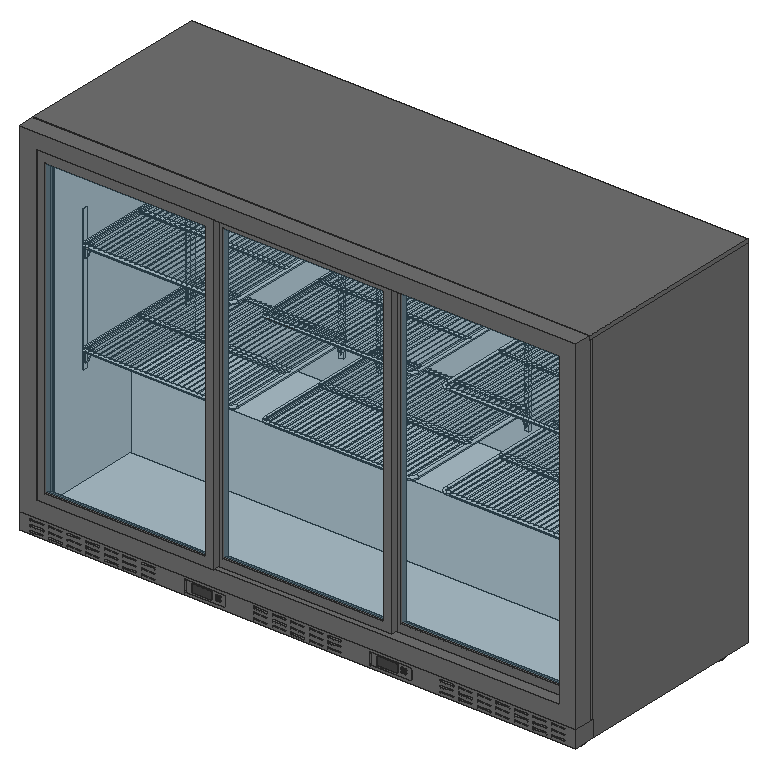
Revit family "QF_KOLDBOX_KBC3SL", category Specialty Equipment, Revit 2016
Family settings
  Part Type = Normal
  Round Connector Dimension = Use Diameter
  OmniClass Number = 23.40.40.14
  OmniClass Title = Food Service Equipment
  Work Plane-Based = No
  Always vertical = Yes
  Cut with Voids When Loaded = No
  Shared = No
  Room Calculation Point = No
Parameters (values of type "KBC3SL")
  URL = "www.koldbox.com"
  Show Logo [instance] = yes
  Show Clearance [instance] = yes
  Model = "KBC3SL"
  Manufacturer = "KOLDBOX"
  Description = "KOLDBOX TRIPLE SLIDING DOOR BACK BAR COOLER"
  Assembly Code = "E1090320"
Reference planes
  plane 1 "Back": y = 0
  plane 2: z = 0
  plane 3 "Left": x = 0
  plane 4 "Right": x = 1350
  plane 5 "Front": y = -520
  plane 6 "Top": z = 900
Forms (mm)
  Extrusion 1, solid
    sketch origin (0, 60, 10) x (1, 0, 0) y (0, 0, 1)
      loop
        line (0, 880) -> (0, 10) -> (1350, 10) -> (1350, 880) -> (0, 880)
      loop
        line (40, 850) -> (40, 67.5) -> (1310, 67.5) -> (1310, 850) -> (40, 850)
    from 60 to 530
  Extrusion 2, solid
    sketch origin (0, 0, 70) x (0, 1, 0) y (0, 0, 1)
      loop
        line (0, 830) -> (-480, 830) -> (-480, 820) -> (0, 820) -> (0, 830)
    from 0 to 1350
  Revolve 3, solid
    sketch origin (0, -50, 0) x (1, 0, 0) y (0, 0, -1)
      loop
        line (50, -20) -> (50, -15) -> (60, -15) -> (60, 0) -> (40, 0) -> (40, -20) -> (50, -20)
      axis (40, 0) -> (40, -20)
    angle from 0 to 360
  Revolve 4, solid
    sketch origin (0, -470, 0) x (1, 0, 0) y (0, 0, 1)
      loop
        line (50, 20) -> (40, 20) -> (40, 0) -> (60, 0) -> (60, 15) -> (50, 15) -> (50, 20)
      axis (40, 0) -> (40, 20)
    angle from 0 to 360
  Extrusion 5, solid
    sketch origin (0, 0, 0) x (1, 0, 0) y (0, 0, 1)
      loop
        line (40, 860) -> (40, 60) -> (1310, 60) -> (1310, 860) -> (40, 860)
    from 0 to 40
  Extrusion 6, solid
    sketch origin (0, -480, 0) x (1, 0, 0) y (0, 0, 1)
      loop
        line (0, 60) -> (0, 20) -> (1350, 20) -> (1350, 60) -> (0, 60)
      loop
        arc (27.5, 55) -> (25, 52.5) -> (27.5, 50) r 2.5
        line (27.5, 50) -> (57.5, 50)
        arc (57.5, 50) -> (60, 52.5) -> (57.5, 55) r 2.5
        line (57.5, 55) -> (27.5, 55)
      loop
        line (27.5, 25) -> (57.5, 25)
        arc (57.5, 25) -> (60, 27.5) -> (57.5, 30) r 2.5
        line (57.5, 30) -> (27.5, 30)
        arc (27.5, 30) -> (25, 27.5) -> (27.5, 25) r 2.5
      loop
        line (27.5, 37.5) -> (57.5, 37.5)
        arc (57.5, 37.5) -> (60, 40) -> (57.5, 42.5) r 2.5
        line (57.5, 42.5) -> (27.5, 42.5)
        arc (27.5, 42.5) -> (25, 40) -> (27.5, 37.5) r 2.5
      loop
        arc (400, 28) -> (400.879, 25.879) -> (403, 25) r 3
        line (403, 25) -> (497, 25)
        arc (497, 25) -> (499.121, 25.879) -> (500, 28) r 3
        line (500, 28) -> (500, 52)
        arc (500, 52) -> (499.121, 54.121) -> (497, 55) r 3
        line (497, 55) -> (403, 55)
        arc (403, 55) -> (400.879, 54.121) -> (400, 52) r 3
        line (400, 52) -> (400, 28)
      loop
        arc (72.5, 55) -> (70, 52.5) -> (72.5, 50) r 2.5
        line (72.5, 50) -> (102.5, 50)
        arc (102.5, 50) -> (105, 52.5) -> (102.5, 55) r 2.5
        line (102.5, 55) -> (72.5, 55)
      loop
        line (72.5, 25) -> (102.5, 25)
        arc (102.5, 25) -> (105, 27.5) -> (102.5, 30) r 2.5
        line (102.5, 30) -> (72.5, 30)
        arc (72.5, 30) -> (70, 27.5) -> (72.5, 25) r 2.5
      loop
        line (72.5, 37.5) -> (102.5, 37.5)
        arc (102.5, 37.5) -> (105, 40) -> (102.5, 42.5) r 2.5
        line (102.5, 42.5) -> (72.5, 42.5)
        arc (72.5, 42.5) -> (70, 40) -> (72.5, 37.5) r 2.5
      loop
        arc (117.5, 55) -> (115, 52.5) -> (117.5, 50) r 2.5
        line (117.5, 50) -> (147.5, 50)
        arc (147.5, 50) -> (150, 52.5) -> (147.5, 55) r 2.5
        line (147.5, 55) -> (117.5, 55)
      loop
        line (117.5, 25) -> (147.5, 25)
        arc (147.5, 25) -> (150, 27.5) -> (147.5, 30) r 2.5
        line (147.5, 30) -> (117.5, 30)
        arc (117.5, 30) -> (115, 27.5) -> (117.5, 25) r 2.5
      loop
        line (117.5, 37.5) -> (147.5, 37.5)
        arc (147.5, 37.5) -> (150, 40) -> (147.5, 42.5) r 2.5
        line (147.5, 42.5) -> (117.5, 42.5)
        arc (117.5, 42.5) -> (115, 40) -> (117.5, 37.5) r 2.5
      loop
        arc (162.5, 55) -> (160, 52.5) -> (162.5, 50) r 2.5
        line (162.5, 50) -> (192.5, 50)
        arc (192.5, 50) -> (195, 52.5) -> (192.5, 55) r 2.5
        line (192.5, 55) -> (162.5, 55)
      loop
        line (162.5, 25) -> (192.5, 25)
        arc (192.5, 25) -> (195, 27.5) -> (192.5, 30) r 2.5
        line (192.5, 30) -> (162.5, 30)
        arc (162.5, 30) -> (160, 27.5) -> (162.5, 25) r 2.5
      loop
        line (162.5, 37.5) -> (192.5, 37.5)
        arc (192.5, 37.5) -> (195, 40) -> (192.5, 42.5) r 2.5
        line (192.5, 42.5) -> (162.5, 42.5)
        arc (162.5, 42.5) -> (160, 40) -> (162.5, 37.5) r 2.5
      loop
        arc (850, 28) -> (850.879, 25.879) -> (853, 25) r 3
        line (853, 25) -> (947, 25)
        arc (947, 25) -> (949.121, 25.879) -> (950, 28) r 3
        line (950, 28) -> (950, 52)
        arc (950, 52) -> (949.121, 54.121) -> (947, 55) r 3
        line (947, 55) -> (853, 55)
        arc (853, 55) -> (850.879, 54.121) -> (850, 52) r 3
        line (850, 52) -> (850, 28)
      loop
        arc (207.5, 55) -> (205, 52.5) -> (207.5, 50) r 2.5
        line (207.5, 50) -> (237.5, 50)
        arc (237.5, 50) -> (240, 52.5) -> (237.5, 55) r 2.5
        line (237.5, 55) -> (207.5, 55)
      loop
        line (207.5, 25) -> (237.5, 25)
        arc (237.5, 25) -> (240, 27.5) -> (237.5, 30) r 2.5
        line (237.5, 30) -> (207.5, 30)
        arc (207.5, 30) -> (205, 27.5) -> (207.5, 25) r 2.5
      loop
        line (207.5, 37.5) -> (237.5, 37.5)
        arc (237.5, 37.5) -> (240, 40) -> (237.5, 42.5) r 2.5
        line (237.5, 42.5) -> (207.5, 42.5)
        arc (207.5, 42.5) -> (205, 40) -> (207.5, 37.5) r 2.5
      loop
        arc (252.5, 55) -> (250, 52.5) -> (252.5, 50) r 2.5
        line (252.5, 50) -> (282.5, 50)
        arc (282.5, 50) -> (285, 52.5) -> (282.5, 55) r 2.5
        line (282.5, 55) -> (252.5, 55)
      loop
        line (252.5, 25) -> (282.5, 25)
        arc (282.5, 25) -> (285, 27.5) -> (282.5, 30) r 2.5
        line (282.5, 30) -> (252.5, 30)
        arc (252.5, 30) -> (250, 27.5) -> (252.5, 25) r 2.5
      loop
        line (252.5, 37.5) -> (282.5, 37.5)
        arc (282.5, 37.5) -> (285, 40) -> (282.5, 42.5) r 2.5
        line (282.5, 42.5) -> (252.5, 42.5)
        arc (252.5, 42.5) -> (250, 40) -> (252.5, 37.5) r 2.5
      loop
        arc (297.5, 55) -> (295, 52.5) -> (297.5, 50) r 2.5
        line (297.5, 50) -> (327.5, 50)
        arc (327.5, 50) -> (330, 52.5) -> (327.5, 55) r 2.5
        line (327.5, 55) -> (297.5, 55)
      loop
        line (297.5, 25) -> (327.5, 25)
        arc (327.5, 25) -> (330, 27.5) -> (327.5, 30) r 2.5
        line (327.5, 30) -> (297.5, 30)
        arc (297.5, 30) -> (295, 27.5) -> (297.5, 25) r 2.5
      loop
        line (297.5, 37.5) -> (327.5, 37.5)
        arc (327.5, 37.5) -> (330, 40) -> (327.5, 42.5) r 2.5
        line (327.5, 42.5) -> (297.5, 42.5)
        arc (297.5, 42.5) -> (295, 40) -> (297.5, 37.5) r 2.5
      loop
        line (1322.5, 55) -> (1292.5, 55)
        arc (1292.5, 55) -> (1290, 52.5) -> (1292.5, 50) r 2.5
        line (1292.5, 50) -> (1322.5, 50)
        arc (1322.5, 50) -> (1325, 52.5) -> (1322.5, 55) r 2.5
      loop
        arc (1322.5, 25) -> (1325, 27.5) -> (1322.5, 30) r 2.5
        line (1322.5, 30) -> (1292.5, 30)
        arc (1292.5, 30) -> (1290, 27.5) -> (1292.5, 25) r 2.5
        line (1292.5, 25) -> (1322.5, 25)
      loop
        arc (1322.5, 37.5) -> (1325, 40) -> (1322.5, 42.5) r 2.5
        line (1322.5, 42.5) -> (1292.5, 42.5)
        arc (1292.5, 42.5) -> (1290, 40) -> (1292.5, 37.5) r 2.5
        line (1292.5, 37.5) -> (1322.5, 37.5)
      loop
        line (1277.5, 55) -> (1247.5, 55)
        arc (1247.5, 55) -> (1245, 52.5) -> (1247.5, 50) r 2.5
        line (1247.5, 50) -> (1277.5, 50)
        arc (1277.5, 50) -> (1280, 52.5) -> (1277.5, 55) r 2.5
      loop
        arc (1277.5, 25) -> (1280, 27.5) -> (1277.5, 30) r 2.5
        line (1277.5, 30) -> (1247.5, 30)
        arc (1247.5, 30) -> (1245, 27.5) -> (1247.5, 25) r 2.5
        line (1247.5, 25) -> (1277.5, 25)
      loop
        arc (1277.5, 37.5) -> (1280, 40) -> (1277.5, 42.5) r 2.5
        line (1277.5, 42.5) -> (1247.5, 42.5)
        arc (1247.5, 42.5) -> (1245, 40) -> (1247.5, 37.5) r 2.5
        line (1247.5, 37.5) -> (1277.5, 37.5)
      loop
        line (1232.5, 55) -> (1202.5, 55)
        arc (1202.5, 55) -> (1200, 52.5) -> (1202.5, 50) r 2.5
        line (1202.5, 50) -> (1232.5, 50)
        arc (1232.5, 50) -> (1235, 52.5) -> (1232.5, 55) r 2.5
      loop
        arc (1232.5, 25) -> (1235, 27.5) -> (1232.5, 30) r 2.5
        line (1232.5, 30) -> (1202.5, 30)
        arc (1202.5, 30) -> (1200, 27.5) -> (1202.5, 25) r 2.5
        line (1202.5, 25) -> (1232.5, 25)
      loop
        arc (1232.5, 37.5) -> (1235, 40) -> (1232.5, 42.5) r 2.5
        line (1232.5, 42.5) -> (1202.5, 42.5)
        arc (1202.5, 42.5) -> (1200, 40) -> (1202.5, 37.5) r 2.5
        line (1202.5, 37.5) -> (1232.5, 37.5)
      loop
        line (1187.5, 55) -> (1157.5, 55)
        arc (1157.5, 55) -> (1155, 52.5) -> (1157.5, 50) r 2.5
        line (1157.5, 50) -> (1187.5, 50)
        arc (1187.5, 50) -> (1190, 52.5) -> (1187.5, 55) r 2.5
      loop
        arc (1187.5, 25) -> (1190, 27.5) -> (1187.5, 30) r 2.5
        line (1187.5, 30) -> (1157.5, 30)
        arc (1157.5, 30) -> (1155, 27.5) -> (1157.5, 25) r 2.5
        line (1157.5, 25) -> (1187.5, 25)
      loop
        arc (1187.5, 37.5) -> (1190, 40) -> (1187.5, 42.5) r 2.5
        line (1187.5, 42.5) -> (1157.5, 42.5)
        arc (1157.5, 42.5) -> (1155, 40) -> (1157.5, 37.5) r 2.5
        line (1157.5, 37.5) -> (1187.5, 37.5)
      loop
        line (1142.5, 55) -> (1112.5, 55)
        arc (1112.5, 55) -> (1110, 52.5) -> (1112.5, 50) r 2.5
        line (1112.5, 50) -> (1142.5, 50)
        arc (1142.5, 50) -> (1145, 52.5) -> (1142.5, 55) r 2.5
      loop
        arc (1142.5, 25) -> (1145, 27.5) -> (1142.5, 30) r 2.5
        line (1142.5, 30) -> (1112.5, 30)
        arc (1112.5, 30) -> (1110, 27.5) -> (1112.5, 25) r 2.5
        line (1112.5, 25) -> (1142.5, 25)
      loop
        arc (1142.5, 37.5) -> (1145, 40) -> (1142.5, 42.5) r 2.5
        line (1142.5, 42.5) -> (1112.5, 42.5)
        arc (1112.5, 42.5) -> (1110, 40) -> (1112.5, 37.5) r 2.5
        line (1112.5, 37.5) -> (1142.5, 37.5)
      loop
        line (1097.5, 55) -> (1067.5, 55)
        arc (1067.5, 55) -> (1065, 52.5) -> (1067.5, 50) r 2.5
        line (1067.5, 50) -> (1097.5, 50)
        arc (1097.5, 50) -> (1100, 52.5) -> (1097.5, 55) r 2.5
      loop
        arc (1097.5, 25) -> (1100, 27.5) -> (1097.5, 30) r 2.5
        line (1097.5, 30) -> (1067.5, 30)
        arc (1067.5, 30) -> (1065, 27.5) -> (1067.5, 25) r 2.5
        line (1067.5, 25) -> (1097.5, 25)
      loop
        arc (1097.5, 37.5) -> (1100, 40) -> (1097.5, 42.5) r 2.5
        line (1097.5, 42.5) -> (1067.5, 42.5)
        arc (1067.5, 42.5) -> (1065, 40) -> (1067.5, 37.5) r 2.5
        line (1067.5, 37.5) -> (1097.5, 37.5)
      loop
        line (1052.5, 55) -> (1022.5, 55)
        arc (1022.5, 55) -> (1020, 52.5) -> (1022.5, 50) r 2.5
        line (1022.5, 50) -> (1052.5, 50)
        arc (1052.5, 50) -> (1055, 52.5) -> (1052.5, 55) r 2.5
      loop
        arc (1052.5, 25) -> (1055, 27.5) -> (1052.5, 30) r 2.5
        line (1052.5, 30) -> (1022.5, 30)
        arc (1022.5, 30) -> (1020, 27.5) -> (1022.5, 25) r 2.5
        line (1022.5, 25) -> (1052.5, 25)
      loop
        arc (1052.5, 37.5) -> (1055, 40) -> (1052.5, 42.5) r 2.5
        line (1052.5, 42.5) -> (1022.5, 42.5)
        arc (1022.5, 42.5) -> (1020, 40) -> (1022.5, 37.5) r 2.5
        line (1022.5, 37.5) -> (1052.5, 37.5)
      loop
        line (780, 55) -> (750, 55)
        arc (750, 55) -> (747.5, 52.5) -> (750, 50) r 2.5
        line (750, 50) -> (780, 50)
        arc (780, 50) -> (782.5, 52.5) -> (780, 55) r 2.5
      loop
        arc (780, 25) -> (782.5, 27.5) -> (780, 30) r 2.5
        line (780, 30) -> (750, 30)
        arc (750, 30) -> (747.5, 27.5) -> (750, 25) r 2.5
        line (750, 25) -> (780, 25)
      loop
        arc (780, 37.5) -> (782.5, 40) -> (780, 42.5) r 2.5
        line (780, 42.5) -> (750, 42.5)
        arc (750, 42.5) -> (747.5, 40) -> (750, 37.5) r 2.5
        line (750, 37.5) -> (780, 37.5)
      loop
        line (735, 55) -> (705, 55)
        arc (705, 55) -> (702.5, 52.5) -> (705, 50) r 2.5
        line (705, 50) -> (735, 50)
        arc (735, 50) -> (737.5, 52.5) -> (735, 55) r 2.5
      loop
        arc (735, 25) -> (737.5, 27.5) -> (735, 30) r 2.5
        line (735, 30) -> (705, 30)
        arc (705, 30) -> (702.5, 27.5) -> (705, 25) r 2.5
        line (705, 25) -> (735, 25)
      loop
        arc (735, 37.5) -> (737.5, 40) -> (735, 42.5) r 2.5
        line (735, 42.5) -> (705, 42.5)
        arc (705, 42.5) -> (702.5, 40) -> (705, 37.5) r 2.5
        line (705, 37.5) -> (735, 37.5)
      loop
        line (690, 55) -> (660, 55)
        arc (660, 55) -> (657.5, 52.5) -> (660, 50) r 2.5
        line (660, 50) -> (690, 50)
        arc (690, 50) -> (692.5, 52.5) -> (690, 55) r 2.5
      loop
        arc (690, 25) -> (692.5, 27.5) -> (690, 30) r 2.5
        line (690, 30) -> (660, 30)
        arc (660, 30) -> (657.5, 27.5) -> (660, 25) r 2.5
        line (660, 25) -> (690, 25)
      loop
        arc (690, 37.5) -> (692.5, 40) -> (690, 42.5) r 2.5
        line (690, 42.5) -> (660, 42.5)
        arc (660, 42.5) -> (657.5, 40) -> (660, 37.5) r 2.5
        line (660, 37.5) -> (690, 37.5)
      loop
        line (645, 55) -> (615, 55)
        arc (615, 55) -> (612.5, 52.5) -> (615, 50) r 2.5
        line (615, 50) -> (645, 50)
        arc (645, 50) -> (647.5, 52.5) -> (645, 55) r 2.5
      loop
        arc (645, 25) -> (647.5, 27.5) -> (645, 30) r 2.5
        line (645, 30) -> (615, 30)
        arc (615, 30) -> (612.5, 27.5) -> (615, 25) r 2.5
        line (615, 25) -> (645, 25)
      loop
        arc (645, 37.5) -> (647.5, 40) -> (645, 42.5) r 2.5
        line (645, 42.5) -> (615, 42.5)
        arc (615, 42.5) -> (612.5, 40) -> (615, 37.5) r 2.5
        line (615, 37.5) -> (645, 37.5)
      loop
        line (600, 55) -> (570, 55)
        arc (570, 55) -> (567.5, 52.5) -> (570, 50) r 2.5
        line (570, 50) -> (600, 50)
        arc (600, 50) -> (602.5, 52.5) -> (600, 55) r 2.5
      loop
        arc (600, 25) -> (602.5, 27.5) -> (600, 30) r 2.5
        line (600, 30) -> (570, 30)
        arc (570, 30) -> (567.5, 27.5) -> (570, 25) r 2.5
        line (570, 25) -> (600, 25)
      loop
        arc (600, 37.5) -> (602.5, 40) -> (600, 42.5) r 2.5
        line (600, 42.5) -> (570, 42.5)
        arc (570, 42.5) -> (567.5, 40) -> (570, 37.5) r 2.5
        line (570, 37.5) -> (600, 37.5)
    from -10 to 40
  Extrusion 7, solid
    sketch origin (40, 0, 0) x (0, 1, 0) y (0, 0, 1)
      loop
        line (-470, 860) -> (-470, 855) -> (-45, 855) -> (-45, 260) -> (-240, 260) -> (-240, 82.5) -> (-470, 82.5) -> (-470, 77.5) -> (-40, 77.5) -> (-40, 860) -> (-470, 860)
    from 0 to 1270
  Extrusion 8, solid
    sketch origin (1305, 0, 0) x (0, 1, 0) y (0, 0, 1)
      loop
        line (-470, 855) -> (-470, 82.5) -> (-240, 82.5) -> (-240, 260) -> (-45, 260) -> (-45, 855) -> (-470, 855)
    from 0 to 5
  Extrusion 9, solid
    sketch origin (40, 0, 0) x (0, 1, 0) y (0, 0, 1)
      loop
        line (-470, 855) -> (-470, 82.5) -> (-240, 82.5) -> (-240, 260) -> (-45, 260) -> (-45, 855) -> (-470, 855)
    from 0 to 5
  Extrusion 10, solid
    sketch origin (445, -490, 0) x (-1, 0, 0) y (0, 0, -1)
      loop
        line (-905, -900) -> (445, -900) -> (445, -60) -> (-905, -60) -> (-905, -900)
      loop
        line (405, -100) -> (-865, -100) -> (-865, -860) -> (405, -860) -> (405, -100)
    from -10 to 30
  Extrusion 11, solid
    sketch origin (445, -505, 0) x (-1, 0, 0) y (0, 0, -1)
      loop
        line (-25, -860) -> (405, -860) -> (405, -100) -> (-25, -100) -> (-25, -860)
      loop
        line (-5, -840) -> (385, -840) -> (385, -120) -> (-5, -120) -> (-5, -840)
    from 0 to 15
  Extrusion 12, solid
    sketch origin (445, -512, 0) x (-1, 0, 0) y (0, 0, -1)
      loop
        line (-5, -840) -> (385, -840) -> (385, -120) -> (-5, -120) -> (-5, -840)
    from 0 to 5
  Extrusion 13, solid
    sketch origin (405, -480, 0) x (-1, 0, 0) y (0, 0, -1)
      loop
        line (-930, -75) -> (-930, -885) -> (390, -885) -> (390, -75) -> (-930, -75)
      loop
        line (-920, -85) -> (-920, -875) -> (380, -875) -> (380, -85) -> (-920, -85)
    from -10 to 0
  Revolve 14, solid
    sketch origin (1350, -50, 0) x (-1, 0, 0) y (0, 0, 1)
      loop
        line (50, 20) -> (40, 20) -> (40, 0) -> (60, 0) -> (60, 15) -> (50, 15) -> (50, 20)
      axis (40, 0) -> (40, 20)
    angle from 0 to 360
  Revolve 15, solid
    sketch origin (1350, -470, 0) x (-1, 0, 0) y (0, 0, -1)
      loop
        line (50, -20) -> (50, -15) -> (60, -15) -> (60, 0) -> (40, 0) -> (40, -20) -> (50, -20)
      axis (40, 0) -> (40, -20)
    angle from 0 to 360
  Sweep 16, solid
    path origin (49.141, -109.803, 607.382) x (1, 0, 0) y (0, 1, 0)
      loop
        arc (17.859, 55.803) -> (9.373, 52.288) -> (5.859, 43.803) r 12
        line (5.859, 43.803) -> (5.859, -278.83)
        arc (5.859, -278.83) -> (9.373, -287.316) -> (17.859, -290.83) r 12
        line (17.859, -290.83) -> (358.859, -290.83)
        arc (358.859, -290.83) -> (367.344, -287.316) -> (370.859, -278.83) r 12
        line (370.859, -278.83) -> (370.859, 43.803)
        arc (370.859, 43.803) -> (367.344, 52.288) -> (358.859, 55.803) r 12
        line (358.859, 55.803) -> (17.859, 55.803)
    profile origin (237.5, -54, 607.382) x (0, 1, 0) y (0, 0, 1)
      loop
        circle (0, 0) r 3.5
  Extrusion 17, solid
    sketch origin (47, -109.803, 607.382) x (1, 0, 0) y (0, 0, 1)
      loop
        circle (13.5, 4.5) r 1
      loop
        circle (26, 4.5) r 1
      loop
        circle (38.5, 4.5) r 1
      loop
        circle (51, 4.5) r 1
      loop
        circle (63.5, 4.5) r 1
      loop
        circle (76, 4.5) r 1
      loop
        circle (88.5, 4.5) r 1
      loop
        circle (101, 4.5) r 1
      loop
        circle (113.5, 4.5) r 1
      loop
        circle (126, 4.5) r 1
      loop
        circle (138.5, 4.5) r 1
      loop
        circle (151, 4.5) r 1
      loop
        circle (163.5, 4.5) r 1
      loop
        circle (176, 4.5) r 1
      loop
        circle (188.5, 4.5) r 1
      loop
        circle (201, 4.5) r 1
      loop
        circle (213.5, 4.5) r 1
      loop
        circle (226, 4.5) r 1
      loop
        circle (238.5, 4.5) r 1
      loop
        circle (251, 4.5) r 1
      loop
        circle (263.5, 4.5) r 1
      loop
        circle (276, 4.5) r 1
      loop
        circle (288.5, 4.5) r 1
      loop
        circle (301, 4.5) r 1
      loop
        circle (313.5, 4.5) r 1
      loop
        circle (326, 4.5) r 1
      loop
        circle (338.5, 4.5) r 1
      loop
        circle (351, 4.5) r 1
      loop
        circle (363.5, 4.5) r 1
    from -55.803 to 290.83
  Extrusion 18, solid
    sketch origin (55, -15.816, 607.382) x (0, 1, 0) y (0, 0, 1)
      loop
        circle (-211.5, 0) r 3.5
    from 0 to 365
  Extrusion 19, solid
    sketch origin (1663.773, -1334.75, -239.071) x (1, 0, 0) y (0, 0, 1)
      loop
        line (-1608.773, 812.071) -> (-1593.825, 844.071) -> (-1608.773, 844.071) -> (-1608.773, 812.071)
    from -1264.75 to -1262.75
  Sweep 20, solid
    path origin (49.141, -109.803, 379.382) x (1, 0, 0) y (0, 1, 0)
      loop
        arc (17.859, 55.803) -> (9.373, 52.288) -> (5.859, 43.803) r 12
        line (5.859, 43.803) -> (5.859, -278.83)
        arc (5.859, -278.83) -> (9.373, -287.316) -> (17.859, -290.83) r 12
        line (17.859, -290.83) -> (358.859, -290.83)
        arc (358.859, -290.83) -> (367.344, -287.316) -> (370.859, -278.83) r 12
        line (370.859, -278.83) -> (370.859, 43.803)
        arc (370.859, 43.803) -> (367.344, 52.288) -> (358.859, 55.803) r 12
        line (358.859, 55.803) -> (17.859, 55.803)
    profile origin (237.5, -54, 379.382) x (0, 1, 0) y (0, 0, 1)
      loop
        circle (0, 0) r 3.5
  Extrusion 21, solid
    sketch origin (55, -15.816, 379.382) x (0, 1, 0) y (0, 0, 1)
      loop
        circle (-211.5, 0) r 3.5
    from 0 to 365
  Extrusion 22, solid
    sketch origin (47, -109.803, 379.382) x (1, 0, 0) y (0, 0, 1)
      loop
        circle (13.5, 4.5) r 1
      loop
        circle (26, 4.5) r 1
      loop
        circle (38.5, 4.5) r 1
      loop
        circle (51, 4.5) r 1
      loop
        circle (63.5, 4.5) r 1
      loop
        circle (76, 4.5) r 1
      loop
        circle (88.5, 4.5) r 1
      loop
        circle (101, 4.5) r 1
      loop
        circle (113.5, 4.5) r 1
      loop
        circle (126, 4.5) r 1
      loop
        circle (138.5, 4.5) r 1
      loop
        circle (151, 4.5) r 1
      loop
        circle (163.5, 4.5) r 1
      loop
        circle (176, 4.5) r 1
      loop
        circle (188.5, 4.5) r 1
      loop
        circle (201, 4.5) r 1
      loop
        circle (213.5, 4.5) r 1
      loop
        circle (226, 4.5) r 1
      loop
        circle (238.5, 4.5) r 1
      loop
        circle (251, 4.5) r 1
      loop
        circle (263.5, 4.5) r 1
      loop
        circle (276, 4.5) r 1
      loop
        circle (288.5, 4.5) r 1
      loop
        circle (301, 4.5) r 1
      loop
        circle (313.5, 4.5) r 1
      loop
        circle (326, 4.5) r 1
      loop
        circle (338.5, 4.5) r 1
      loop
        circle (351, 4.5) r 1
      loop
        circle (363.5, 4.5) r 1
    from -55.803 to 290.83
  Extrusion 23, solid
    sketch origin (45, 4, -0.606) x (0, 1, 0) y (0, 0, 1)
      loop
        line (-70, 678) -> (-80, 678) -> (-80, 330) -> (-70, 330) -> (-70, 678)
      loop
        line (-77, 336.989) -> (-73, 336.989) -> (-73, 340.989) -> (-77, 340.989) -> (-77, 336.989)
      loop
        line (-77, 351.989) -> (-73, 351.989) -> (-73, 355.989) -> (-77, 355.989) -> (-77, 351.989)
      loop
        line (-77, 366.989) -> (-73, 366.989) -> (-73, 370.989) -> (-77, 370.989) -> (-77, 366.989)
      loop
        line (-77, 381.989) -> (-73, 381.989) -> (-73, 385.989) -> (-77, 385.989) -> (-77, 381.989)
      loop
        line (-77, 396.989) -> (-73, 396.989) -> (-73, 400.989) -> (-77, 400.989) -> (-77, 396.989)
      loop
        line (-77, 411.989) -> (-73, 411.989) -> (-73, 415.989) -> (-77, 415.989) -> (-77, 411.989)
      loop
        line (-77, 426.989) -> (-73, 426.989) -> (-73, 430.989) -> (-77, 430.989) -> (-77, 426.989)
      loop
        line (-77, 441.989) -> (-73, 441.989) -> (-73, 445.989) -> (-77, 445.989) -> (-77, 441.989)
      loop
        line (-77, 456.989) -> (-73, 456.989) -> (-73, 460.989) -> (-77, 460.989) -> (-77, 456.989)
      loop
        line (-77, 471.989) -> (-73, 471.989) -> (-73, 475.989) -> (-77, 475.989) -> (-77, 471.989)
      loop
        line (-77, 486.989) -> (-73, 486.989) -> (-73, 490.989) -> (-77, 490.989) -> (-77, 486.989)
      loop
        line (-77, 501.989) -> (-73, 501.989) -> (-73, 505.989) -> (-77, 505.989) -> (-77, 501.989)
      loop
        line (-77, 516.989) -> (-73, 516.989) -> (-73, 520.989) -> (-77, 520.989) -> (-77, 516.989)
      loop
        line (-77, 531.989) -> (-73, 531.989) -> (-73, 535.989) -> (-77, 535.989) -> (-77, 531.989)
      loop
        line (-77, 546.989) -> (-73, 546.989) -> (-73, 550.989) -> (-77, 550.989) -> (-77, 546.989)
      loop
        line (-77, 561.989) -> (-73, 561.989) -> (-73, 565.989) -> (-77, 565.989) -> (-77, 561.989)
      loop
        line (-77, 576.989) -> (-73, 576.989) -> (-73, 580.989) -> (-77, 580.989) -> (-77, 576.989)
      loop
        line (-77, 591.989) -> (-73, 591.989) -> (-73, 595.989) -> (-77, 595.989) -> (-77, 591.989)
      loop
        line (-77, 606.989) -> (-73, 606.989) -> (-73, 610.989) -> (-77, 610.989) -> (-77, 606.989)
      loop
        line (-77, 621.989) -> (-73, 621.989) -> (-73, 625.989) -> (-77, 625.989) -> (-77, 621.989)
      loop
        line (-77, 636.989) -> (-73, 636.989) -> (-73, 640.989) -> (-77, 640.989) -> (-77, 636.989)
      loop
        line (-77, 651.989) -> (-73, 651.989) -> (-73, 655.989) -> (-77, 655.989) -> (-77, 651.989)
      loop
        line (-77, 666.989) -> (-73, 666.989) -> (-73, 670.989) -> (-77, 670.989) -> (-77, 666.989)
    from 0 to 5
  Extrusion 24, solid
    sketch origin (45, -458.633, -0.606) x (0, -1, 0) y (0, 0, -1)
      loop
        line (-70, -678) -> (-70, -330) -> (-80, -330) -> (-80, -678) -> (-70, -678)
      loop
        line (-77, -336.989) -> (-77, -340.989) -> (-73, -340.989) -> (-73, -336.989) -> (-77, -336.989)
      loop
        line (-77, -351.989) -> (-77, -355.989) -> (-73, -355.989) -> (-73, -351.989) -> (-77, -351.989)
      loop
        line (-77, -366.989) -> (-77, -370.989) -> (-73, -370.989) -> (-73, -366.989) -> (-77, -366.989)
      loop
        line (-77, -381.989) -> (-77, -385.989) -> (-73, -385.989) -> (-73, -381.989) -> (-77, -381.989)
      loop
        line (-77, -396.989) -> (-77, -400.989) -> (-73, -400.989) -> (-73, -396.989) -> (-77, -396.989)
      loop
        line (-77, -411.989) -> (-77, -415.989) -> (-73, -415.989) -> (-73, -411.989) -> (-77, -411.989)
      loop
        line (-77, -426.989) -> (-77, -430.989) -> (-73, -430.989) -> (-73, -426.989) -> (-77, -426.989)
      loop
        line (-77, -441.989) -> (-77, -445.989) -> (-73, -445.989) -> (-73, -441.989) -> (-77, -441.989)
      loop
        line (-77, -456.989) -> (-77, -460.989) -> (-73, -460.989) -> (-73, -456.989) -> (-77, -456.989)
      loop
        line (-77, -471.989) -> (-77, -475.989) -> (-73, -475.989) -> (-73, -471.989) -> (-77, -471.989)
      loop
        line (-77, -486.989) -> (-77, -490.989) -> (-73, -490.989) -> (-73, -486.989) -> (-77, -486.989)
      loop
        line (-77, -501.989) -> (-77, -505.989) -> (-73, -505.989) -> (-73, -501.989) -> (-77, -501.989)
      loop
        line (-77, -516.989) -> (-77, -520.989) -> (-73, -520.989) -> (-73, -516.989) -> (-77, -516.989)
      loop
        line (-77, -531.989) -> (-77, -535.989) -> (-73, -535.989) -> (-73, -531.989) -> (-77, -531.989)
      loop
        line (-77, -546.989) -> (-77, -550.989) -> (-73, -550.989) -> (-73, -546.989) -> (-77, -546.989)
      loop
        line (-77, -561.989) -> (-77, -565.989) -> (-73, -565.989) -> (-73, -561.989) -> (-77, -561.989)
      loop
        line (-77, -576.989) -> (-77, -580.989) -> (-73, -580.989) -> (-73, -576.989) -> (-77, -576.989)
      loop
        line (-77, -591.989) -> (-77, -595.989) -> (-73, -595.989) -> (-73, -591.989) -> (-77, -591.989)
      loop
        line (-77, -606.989) -> (-77, -610.989) -> (-73, -610.989) -> (-73, -606.989) -> (-77, -606.989)
      loop
        line (-77, -621.989) -> (-77, -625.989) -> (-73, -625.989) -> (-73, -621.989) -> (-77, -621.989)
      loop
        line (-77, -636.989) -> (-77, -640.989) -> (-73, -640.989) -> (-73, -636.989) -> (-77, -636.989)
      loop
        line (-77, -651.989) -> (-77, -655.989) -> (-73, -655.989) -> (-73, -651.989) -> (-77, -651.989)
      loop
        line (-77, -666.989) -> (-77, -670.989) -> (-73, -670.989) -> (-73, -666.989) -> (-77, -666.989)
    from 0 to 5
  Extrusion 25, solid
    sketch origin (50, -458.633, -0.606) x (0, -1, 0) y (0, 0, -1)
      loop
        line (-382.633, -605.606) -> (-382.633, -573.606) -> (-392.633, -573.606) -> (-392.633, -605.606) -> (-382.633, -605.606)
    from 0 to 5
  Extrusion 26, solid
    sketch origin (1663.773, -1334.75, -467.071) x (1, 0, 0) y (0, 0, 1)
      loop
        line (-1608.773, 812.071) -> (-1593.825, 844.071) -> (-1608.773, 844.071) -> (-1608.773, 812.071)
    from -1264.75 to -1262.75
  Extrusion 27, solid
    sketch origin (50, -458.633, -228.606) x (0, -1, 0) y (0, 0, -1)
      loop
        line (-382.633, -605.606) -> (-382.633, -573.606) -> (-392.633, -573.606) -> (-392.633, -605.606) -> (-382.633, -605.606)
    from 0 to 5
  Extrusion 28, solid
    sketch origin (1663.773, 880.117, -239.071) x (1, 0, 0) y (0, 0, -1)
      loop
        line (-1608.773, -812.071) -> (-1608.773, -844.071) -> (-1593.825, -844.071) -> (-1608.773, -812.071)
    from -1264.75 to -1262.75
  Extrusion 29, solid
    sketch origin (50, 4, -0.606) x (0, 1, 0) y (0, 0, 1)
      loop
        line (-382.633, 605.606) -> (-392.633, 605.606) -> (-392.633, 573.606) -> (-382.633, 573.606) -> (-382.633, 605.606)
    from 0 to 5
  Extrusion 30, solid
    sketch origin (1663.773, 880.117, -467.071) x (1, 0, 0) y (0, 0, -1)
      loop
        line (-1608.773, -812.071) -> (-1608.773, -844.071) -> (-1593.825, -844.071) -> (-1608.773, -812.071)
    from -1264.75 to -1262.75
  Extrusion 31, solid
    sketch origin (50, 4, -228.606) x (0, 1, 0) y (0, 0, 1)
      loop
        line (-382.633, 605.606) -> (-392.633, 605.606) -> (-392.633, 573.606) -> (-382.633, 573.606) -> (-382.633, 605.606)
    from 0 to 5
  Extrusion 32, solid
    sketch origin (329, -45, -0.606) x (-1, 0, 0) y (0, 0, -1)
      loop
        line (-70, -678) -> (-70, -330) -> (-80, -330) -> (-80, -678) -> (-70, -678)
      loop
        line (-77, -336.989) -> (-77, -340.989) -> (-73, -340.989) -> (-73, -336.989) -> (-77, -336.989)
      loop
        line (-77, -351.989) -> (-77, -355.989) -> (-73, -355.989) -> (-73, -351.989) -> (-77, -351.989)
      loop
        line (-77, -366.989) -> (-77, -370.989) -> (-73, -370.989) -> (-73, -366.989) -> (-77, -366.989)
      loop
        line (-77, -381.989) -> (-77, -385.989) -> (-73, -385.989) -> (-73, -381.989) -> (-77, -381.989)
      loop
        line (-77, -396.989) -> (-77, -400.989) -> (-73, -400.989) -> (-73, -396.989) -> (-77, -396.989)
      loop
        line (-77, -411.989) -> (-77, -415.989) -> (-73, -415.989) -> (-73, -411.989) -> (-77, -411.989)
      loop
        line (-77, -426.989) -> (-77, -430.989) -> (-73, -430.989) -> (-73, -426.989) -> (-77, -426.989)
      loop
        line (-77, -441.989) -> (-77, -445.989) -> (-73, -445.989) -> (-73, -441.989) -> (-77, -441.989)
      loop
        line (-77, -456.989) -> (-77, -460.989) -> (-73, -460.989) -> (-73, -456.989) -> (-77, -456.989)
      loop
        line (-77, -471.989) -> (-77, -475.989) -> (-73, -475.989) -> (-73, -471.989) -> (-77, -471.989)
      loop
        line (-77, -486.989) -> (-77, -490.989) -> (-73, -490.989) -> (-73, -486.989) -> (-77, -486.989)
      loop
        line (-77, -501.989) -> (-77, -505.989) -> (-73, -505.989) -> (-73, -501.989) -> (-77, -501.989)
      loop
        line (-77, -516.989) -> (-77, -520.989) -> (-73, -520.989) -> (-73, -516.989) -> (-77, -516.989)
      loop
        line (-77, -531.989) -> (-77, -535.989) -> (-73, -535.989) -> (-73, -531.989) -> (-77, -531.989)
      loop
        line (-77, -546.989) -> (-77, -550.989) -> (-73, -550.989) -> (-73, -546.989) -> (-77, -546.989)
      loop
        line (-77, -561.989) -> (-77, -565.989) -> (-73, -565.989) -> (-73, -561.989) -> (-77, -561.989)
      loop
        line (-77, -576.989) -> (-77, -580.989) -> (-73, -580.989) -> (-73, -576.989) -> (-77, -576.989)
      loop
        line (-77, -591.989) -> (-77, -595.989) -> (-73, -595.989) -> (-73, -591.989) -> (-77, -591.989)
      loop
        line (-77, -606.989) -> (-77, -610.989) -> (-73, -610.989) -> (-73, -606.989) -> (-77, -606.989)
      loop
        line (-77, -621.989) -> (-77, -625.989) -> (-73, -625.989) -> (-73, -621.989) -> (-77, -621.989)
      loop
        line (-77, -636.989) -> (-77, -640.989) -> (-73, -640.989) -> (-73, -636.989) -> (-77, -636.989)
      loop
        line (-77, -651.989) -> (-77, -655.989) -> (-73, -655.989) -> (-73, -651.989) -> (-77, -651.989)
      loop
        line (-77, -666.989) -> (-77, -670.989) -> (-73, -670.989) -> (-73, -666.989) -> (-77, -666.989)
    from 0 to 5
  Extrusion 33, solid
    sketch origin (-859.75, -1663.773, -239.071) x (0, -1, 0) y (0, 0, 1)
      loop
        line (-1608.773, 812.071) -> (-1593.825, 844.071) -> (-1608.773, 844.071) -> (-1608.773, 812.071)
    from -1264.75 to -1262.75
  Extrusion 34, solid
    sketch origin (16.367, -50, -0.606) x (-1, 0, 0) y (0, 0, -1)
      loop
        line (-382.633, -605.606) -> (-382.633, -573.606) -> (-392.633, -573.606) -> (-392.633, -605.606) -> (-382.633, -605.606)
    from 0 to 5
  Extrusion 35, solid
    sketch origin (-859.75, -1663.773, -467.071) x (0, -1, 0) y (0, 0, 1)
      loop
        line (-1608.773, 812.071) -> (-1593.825, 844.071) -> (-1608.773, 844.071) -> (-1608.773, 812.071)
    from -1264.75 to -1262.75
  Extrusion 36, solid
    sketch origin (16.367, -50, -228.606) x (-1, 0, 0) y (0, 0, -1)
      loop
        line (-382.633, -605.606) -> (-382.633, -573.606) -> (-392.633, -573.606) -> (-392.633, -605.606) -> (-382.633, -605.606)
    from 0 to 5
  Sweep 37, solid
    path origin (1300.859, -109.803, 607.382) x (-1, 0, 0) y (0, -1, 0)
      loop
        line (17.859, -55.803) -> (358.859, -55.803)
        arc (358.859, -55.803) -> (367.344, -52.288) -> (370.859, -43.803) r 12
        line (370.859, -43.803) -> (370.859, 278.83)
        arc (370.859, 278.83) -> (367.344, 287.316) -> (358.859, 290.83) r 12
        line (358.859, 290.83) -> (17.859, 290.83)
        arc (17.859, 290.83) -> (9.373, 287.316) -> (5.859, 278.83) r 12
        line (5.859, 278.83) -> (5.859, -43.803)
        arc (5.859, -43.803) -> (9.373, -52.288) -> (17.859, -55.803) r 12
    profile origin (1112.5, -54, 607.382) x (0, -1, 0) y (0, 0, 1)
      loop
        circle (0, 0) r 3.5
  Extrusion 38, solid
    sketch origin (1303, -109.803, 607.382) x (-1, 0, 0) y (0, 0, -1)
      loop
        circle (13.5, -4.5) r 1
      loop
        circle (26, -4.5) r 1
      loop
        circle (38.5, -4.5) r 1
      loop
        circle (51, -4.5) r 1
      loop
        circle (63.5, -4.5) r 1
      loop
        circle (76, -4.5) r 1
      loop
        circle (88.5, -4.5) r 1
      loop
        circle (101, -4.5) r 1
      loop
        circle (113.5, -4.5) r 1
      loop
        circle (126, -4.5) r 1
      loop
        circle (138.5, -4.5) r 1
      loop
        circle (151, -4.5) r 1
      loop
        circle (163.5, -4.5) r 1
      loop
        circle (176, -4.5) r 1
      loop
        circle (188.5, -4.5) r 1
      loop
        circle (201, -4.5) r 1
      loop
        circle (213.5, -4.5) r 1
      loop
        circle (226, -4.5) r 1
      loop
        circle (238.5, -4.5) r 1
      loop
        circle (251, -4.5) r 1
      loop
        circle (263.5, -4.5) r 1
      loop
        circle (276, -4.5) r 1
      loop
        circle (288.5, -4.5) r 1
      loop
        circle (301, -4.5) r 1
      loop
        circle (313.5, -4.5) r 1
      loop
        circle (326, -4.5) r 1
      loop
        circle (338.5, -4.5) r 1
      loop
        circle (351, -4.5) r 1
      loop
        circle (363.5, -4.5) r 1
    from -55.803 to 290.83
  Extrusion 39, solid
    sketch origin (1295, -15.816, 607.382) x (0, 1, 0) y (0, 0, -1)
      loop
        circle (-211.5, 0) r 3.5
    from 0 to 365
  Extrusion 40, solid
    sketch origin (-313.773, -1334.75, -239.071) x (-1, 0, 0) y (0, 0, -1)
      loop
        line (-1608.773, -812.071) -> (-1608.773, -844.071) -> (-1593.825, -844.071) -> (-1608.773, -812.071)
    from -1264.75 to -1262.75
  Sweep 41, solid
    path origin (1300.859, -109.803, 379.382) x (-1, 0, 0) y (0, -1, 0)
      loop
        line (17.859, -55.803) -> (358.859, -55.803)
        arc (358.859, -55.803) -> (367.344, -52.288) -> (370.859, -43.803) r 12
        line (370.859, -43.803) -> (370.859, 278.83)
        arc (370.859, 278.83) -> (367.344, 287.316) -> (358.859, 290.83) r 12
        line (358.859, 290.83) -> (17.859, 290.83)
        arc (17.859, 290.83) -> (9.373, 287.316) -> (5.859, 278.83) r 12
        line (5.859, 278.83) -> (5.859, -43.803)
        arc (5.859, -43.803) -> (9.373, -52.288) -> (17.859, -55.803) r 12
    profile origin (1112.5, -54, 379.382) x (0, -1, 0) y (0, 0, 1)
      loop
        circle (0, 0) r 3.5
  Extrusion 42, solid
    sketch origin (1295, -15.816, 379.382) x (0, 1, 0) y (0, 0, -1)
      loop
        circle (-211.5, 0) r 3.5
    from 0 to 365
  Extrusion 43, solid
    sketch origin (1303, -109.803, 379.382) x (-1, 0, 0) y (0, 0, -1)
      loop
        circle (13.5, -4.5) r 1
      loop
        circle (26, -4.5) r 1
      loop
        circle (38.5, -4.5) r 1
      loop
        circle (51, -4.5) r 1
      loop
        circle (63.5, -4.5) r 1
      loop
        circle (76, -4.5) r 1
      loop
        circle (88.5, -4.5) r 1
      loop
        circle (101, -4.5) r 1
      loop
        circle (113.5, -4.5) r 1
      loop
        circle (126, -4.5) r 1
      loop
        circle (138.5, -4.5) r 1
      loop
        circle (151, -4.5) r 1
      loop
        circle (163.5, -4.5) r 1
      loop
        circle (176, -4.5) r 1
      loop
        circle (188.5, -4.5) r 1
      loop
        circle (201, -4.5) r 1
      loop
        circle (213.5, -4.5) r 1
      loop
        circle (226, -4.5) r 1
      loop
        circle (238.5, -4.5) r 1
      loop
        circle (251, -4.5) r 1
      loop
        circle (263.5, -4.5) r 1
      loop
        circle (276, -4.5) r 1
      loop
        circle (288.5, -4.5) r 1
      loop
        circle (301, -4.5) r 1
      loop
        circle (313.5, -4.5) r 1
      loop
        circle (326, -4.5) r 1
      loop
        circle (338.5, -4.5) r 1
      loop
        circle (351, -4.5) r 1
      loop
        circle (363.5, -4.5) r 1
    from -55.803 to 290.83
  Extrusion 44, solid
    sketch origin (1305, 4, -0.606) x (0, 1, 0) y (0, 0, -1)
      loop
        line (-70, -678) -> (-70, -330) -> (-80, -330) -> (-80, -678) -> (-70, -678)
      loop
        line (-77, -336.989) -> (-77, -340.989) -> (-73, -340.989) -> (-73, -336.989) -> (-77, -336.989)
      loop
        line (-77, -351.989) -> (-77, -355.989) -> (-73, -355.989) -> (-73, -351.989) -> (-77, -351.989)
      loop
        line (-77, -366.989) -> (-77, -370.989) -> (-73, -370.989) -> (-73, -366.989) -> (-77, -366.989)
      loop
        line (-77, -381.989) -> (-77, -385.989) -> (-73, -385.989) -> (-73, -381.989) -> (-77, -381.989)
      loop
        line (-77, -396.989) -> (-77, -400.989) -> (-73, -400.989) -> (-73, -396.989) -> (-77, -396.989)
      loop
        line (-77, -411.989) -> (-77, -415.989) -> (-73, -415.989) -> (-73, -411.989) -> (-77, -411.989)
      loop
        line (-77, -426.989) -> (-77, -430.989) -> (-73, -430.989) -> (-73, -426.989) -> (-77, -426.989)
      loop
        line (-77, -441.989) -> (-77, -445.989) -> (-73, -445.989) -> (-73, -441.989) -> (-77, -441.989)
      loop
        line (-77, -456.989) -> (-77, -460.989) -> (-73, -460.989) -> (-73, -456.989) -> (-77, -456.989)
      loop
        line (-77, -471.989) -> (-77, -475.989) -> (-73, -475.989) -> (-73, -471.989) -> (-77, -471.989)
      loop
        line (-77, -486.989) -> (-77, -490.989) -> (-73, -490.989) -> (-73, -486.989) -> (-77, -486.989)
      loop
        line (-77, -501.989) -> (-77, -505.989) -> (-73, -505.989) -> (-73, -501.989) -> (-77, -501.989)
      loop
        line (-77, -516.989) -> (-77, -520.989) -> (-73, -520.989) -> (-73, -516.989) -> (-77, -516.989)
      loop
        line (-77, -531.989) -> (-77, -535.989) -> (-73, -535.989) -> (-73, -531.989) -> (-77, -531.989)
      loop
        line (-77, -546.989) -> (-77, -550.989) -> (-73, -550.989) -> (-73, -546.989) -> (-77, -546.989)
      loop
        line (-77, -561.989) -> (-77, -565.989) -> (-73, -565.989) -> (-73, -561.989) -> (-77, -561.989)
      loop
        line (-77, -576.989) -> (-77, -580.989) -> (-73, -580.989) -> (-73, -576.989) -> (-77, -576.989)
      loop
        line (-77, -591.989) -> (-77, -595.989) -> (-73, -595.989) -> (-73, -591.989) -> (-77, -591.989)
      loop
        line (-77, -606.989) -> (-77, -610.989) -> (-73, -610.989) -> (-73, -606.989) -> (-77, -606.989)
      loop
        line (-77, -621.989) -> (-77, -625.989) -> (-73, -625.989) -> (-73, -621.989) -> (-77, -621.989)
      loop
        line (-77, -636.989) -> (-77, -640.989) -> (-73, -640.989) -> (-73, -636.989) -> (-77, -636.989)
      loop
        line (-77, -651.989) -> (-77, -655.989) -> (-73, -655.989) -> (-73, -651.989) -> (-77, -651.989)
      loop
        line (-77, -666.989) -> (-77, -670.989) -> (-73, -670.989) -> (-73, -666.989) -> (-77, -666.989)
    from 0 to 5
  Extrusion 45, solid
    sketch origin (1305, -458.633, -0.606) x (0, -1, 0) y (0, 0, 1)
      loop
        line (-70, 678) -> (-80, 678) -> (-80, 330) -> (-70, 330) -> (-70, 678)
      loop
        line (-77, 336.989) -> (-73, 336.989) -> (-73, 340.989) -> (-77, 340.989) -> (-77, 336.989)
      loop
        line (-77, 351.989) -> (-73, 351.989) -> (-73, 355.989) -> (-77, 355.989) -> (-77, 351.989)
      loop
        line (-77, 366.989) -> (-73, 366.989) -> (-73, 370.989) -> (-77, 370.989) -> (-77, 366.989)
      loop
        line (-77, 381.989) -> (-73, 381.989) -> (-73, 385.989) -> (-77, 385.989) -> (-77, 381.989)
      loop
        line (-77, 396.989) -> (-73, 396.989) -> (-73, 400.989) -> (-77, 400.989) -> (-77, 396.989)
      loop
        line (-77, 411.989) -> (-73, 411.989) -> (-73, 415.989) -> (-77, 415.989) -> (-77, 411.989)
      loop
        line (-77, 426.989) -> (-73, 426.989) -> (-73, 430.989) -> (-77, 430.989) -> (-77, 426.989)
      loop
        line (-77, 441.989) -> (-73, 441.989) -> (-73, 445.989) -> (-77, 445.989) -> (-77, 441.989)
      loop
        line (-77, 456.989) -> (-73, 456.989) -> (-73, 460.989) -> (-77, 460.989) -> (-77, 456.989)
      loop
        line (-77, 471.989) -> (-73, 471.989) -> (-73, 475.989) -> (-77, 475.989) -> (-77, 471.989)
      loop
        line (-77, 486.989) -> (-73, 486.989) -> (-73, 490.989) -> (-77, 490.989) -> (-77, 486.989)
      loop
        line (-77, 501.989) -> (-73, 501.989) -> (-73, 505.989) -> (-77, 505.989) -> (-77, 501.989)
      loop
        line (-77, 516.989) -> (-73, 516.989) -> (-73, 520.989) -> (-77, 520.989) -> (-77, 516.989)
      loop
        line (-77, 531.989) -> (-73, 531.989) -> (-73, 535.989) -> (-77, 535.989) -> (-77, 531.989)
      loop
        line (-77, 546.989) -> (-73, 546.989) -> (-73, 550.989) -> (-77, 550.989) -> (-77, 546.989)
      loop
        line (-77, 561.989) -> (-73, 561.989) -> (-73, 565.989) -> (-77, 565.989) -> (-77, 561.989)
      loop
        line (-77, 576.989) -> (-73, 576.989) -> (-73, 580.989) -> (-77, 580.989) -> (-77, 576.989)
      loop
        line (-77, 591.989) -> (-73, 591.989) -> (-73, 595.989) -> (-77, 595.989) -> (-77, 591.989)
      loop
        line (-77, 606.989) -> (-73, 606.989) -> (-73, 610.989) -> (-77, 610.989) -> (-77, 606.989)
      loop
        line (-77, 621.989) -> (-73, 621.989) -> (-73, 625.989) -> (-77, 625.989) -> (-77, 621.989)
      loop
        line (-77, 636.989) -> (-73, 636.989) -> (-73, 640.989) -> (-77, 640.989) -> (-77, 636.989)
      loop
        line (-77, 651.989) -> (-73, 651.989) -> (-73, 655.989) -> (-77, 655.989) -> (-77, 651.989)
      loop
        line (-77, 666.989) -> (-73, 666.989) -> (-73, 670.989) -> (-77, 670.989) -> (-77, 666.989)
    from 0 to 5
  Extrusion 46, solid
    sketch origin (1300, -458.633, -0.606) x (0, -1, 0) y (0, 0, 1)
      loop
        line (-382.633, 605.606) -> (-392.633, 605.606) -> (-392.633, 573.606) -> (-382.633, 573.606) -> (-382.633, 605.606)
    from 0 to 5
  Extrusion 47, solid
    sketch origin (-313.773, -1334.75, -467.071) x (-1, 0, 0) y (0, 0, -1)
      loop
        line (-1608.773, -812.071) -> (-1608.773, -844.071) -> (-1593.825, -844.071) -> (-1608.773, -812.071)
    from -1264.75 to -1262.75
  Extrusion 48, solid
    sketch origin (1300, -458.633, -228.606) x (0, -1, 0) y (0, 0, 1)
      loop
        line (-382.633, 605.606) -> (-392.633, 605.606) -> (-392.633, 573.606) -> (-382.633, 573.606) -> (-382.633, 605.606)
    from 0 to 5
  Extrusion 49, solid
    sketch origin (-313.773, 880.117, -239.071) x (-1, 0, 0) y (0, 0, 1)
      loop
        line (-1608.773, 812.071) -> (-1593.825, 844.071) -> (-1608.773, 844.071) -> (-1608.773, 812.071)
    from -1264.75 to -1262.75
  Extrusion 50, solid
    sketch origin (1300, 4, -0.606) x (0, 1, 0) y (0, 0, -1)
      loop
        line (-382.633, -605.606) -> (-382.633, -573.606) -> (-392.633, -573.606) -> (-392.633, -605.606) -> (-382.633, -605.606)
    from 0 to 5
  Extrusion 51, solid
    sketch origin (-313.773, 880.117, -467.071) x (-1, 0, 0) y (0, 0, 1)
      loop
        line (-1608.773, 812.071) -> (-1593.825, 844.071) -> (-1608.773, 844.071) -> (-1608.773, 812.071)
    from -1264.75 to -1262.75
  Extrusion 52, solid
    sketch origin (1300, 4, -228.606) x (0, 1, 0) y (0, 0, -1)
      loop
        line (-382.633, -605.606) -> (-382.633, -573.606) -> (-392.633, -573.606) -> (-392.633, -605.606) -> (-382.633, -605.606)
    from 0 to 5
  Extrusion 53, solid
    sketch origin (1021, -45, -0.606) x (1, 0, 0) y (0, 0, 1)
      loop
        line (-70, 678) -> (-80, 678) -> (-80, 330) -> (-70, 330) -> (-70, 678)
      loop
        line (-77, 336.989) -> (-73, 336.989) -> (-73, 340.989) -> (-77, 340.989) -> (-77, 336.989)
      loop
        line (-77, 351.989) -> (-73, 351.989) -> (-73, 355.989) -> (-77, 355.989) -> (-77, 351.989)
      loop
        line (-77, 366.989) -> (-73, 366.989) -> (-73, 370.989) -> (-77, 370.989) -> (-77, 366.989)
      loop
        line (-77, 381.989) -> (-73, 381.989) -> (-73, 385.989) -> (-77, 385.989) -> (-77, 381.989)
      loop
        line (-77, 396.989) -> (-73, 396.989) -> (-73, 400.989) -> (-77, 400.989) -> (-77, 396.989)
      loop
        line (-77, 411.989) -> (-73, 411.989) -> (-73, 415.989) -> (-77, 415.989) -> (-77, 411.989)
      loop
        line (-77, 426.989) -> (-73, 426.989) -> (-73, 430.989) -> (-77, 430.989) -> (-77, 426.989)
      loop
        line (-77, 441.989) -> (-73, 441.989) -> (-73, 445.989) -> (-77, 445.989) -> (-77, 441.989)
      loop
        line (-77, 456.989) -> (-73, 456.989) -> (-73, 460.989) -> (-77, 460.989) -> (-77, 456.989)
      loop
        line (-77, 471.989) -> (-73, 471.989) -> (-73, 475.989) -> (-77, 475.989) -> (-77, 471.989)
      loop
        line (-77, 486.989) -> (-73, 486.989) -> (-73, 490.989) -> (-77, 490.989) -> (-77, 486.989)
      loop
        line (-77, 501.989) -> (-73, 501.989) -> (-73, 505.989) -> (-77, 505.989) -> (-77, 501.989)
      loop
        line (-77, 516.989) -> (-73, 516.989) -> (-73, 520.989) -> (-77, 520.989) -> (-77, 516.989)
      loop
        line (-77, 531.989) -> (-73, 531.989) -> (-73, 535.989) -> (-77, 535.989) -> (-77, 531.989)
      loop
        line (-77, 546.989) -> (-73, 546.989) -> (-73, 550.989) -> (-77, 550.989) -> (-77, 546.989)
      loop
        line (-77, 561.989) -> (-73, 561.989) -> (-73, 565.989) -> (-77, 565.989) -> (-77, 561.989)
      loop
        line (-77, 576.989) -> (-73, 576.989) -> (-73, 580.989) -> (-77, 580.989) -> (-77, 576.989)
      loop
        line (-77, 591.989) -> (-73, 591.989) -> (-73, 595.989) -> (-77, 595.989) -> (-77, 591.989)
      loop
        line (-77, 606.989) -> (-73, 606.989) -> (-73, 610.989) -> (-77, 610.989) -> (-77, 606.989)
      loop
        line (-77, 621.989) -> (-73, 621.989) -> (-73, 625.989) -> (-77, 625.989) -> (-77, 621.989)
      loop
        line (-77, 636.989) -> (-73, 636.989) -> (-73, 640.989) -> (-77, 640.989) -> (-77, 636.989)
      loop
        line (-77, 651.989) -> (-73, 651.989) -> (-73, 655.989) -> (-77, 655.989) -> (-77, 651.989)
      loop
        line (-77, 666.989) -> (-73, 666.989) -> (-73, 670.989) -> (-77, 670.989) -> (-77, 666.989)
    from 0 to 5
  Extrusion 54, solid
    sketch origin (2209.75, -1663.773, -239.071) x (0, -1, 0) y (0, 0, -1)
      loop
        line (-1608.773, -812.071) -> (-1608.773, -844.071) -> (-1593.825, -844.071) -> (-1608.773, -812.071)
    from -1264.75 to -1262.75
  Extrusion 55, solid
    sketch origin (1333.633, -50, -0.606) x (1, 0, 0) y (0, 0, 1)
      loop
        line (-382.633, 605.606) -> (-392.633, 605.606) -> (-392.633, 573.606) -> (-382.633, 573.606) -> (-382.633, 605.606)
    from 0 to 5
  Extrusion 56, solid
    sketch origin (2209.75, -1663.773, -467.071) x (0, -1, 0) y (0, 0, -1)
      loop
        line (-1608.773, -812.071) -> (-1608.773, -844.071) -> (-1593.825, -844.071) -> (-1608.773, -812.071)
    from -1264.75 to -1262.75
  Extrusion 57, solid
    sketch origin (1333.633, -50, -228.606) x (1, 0, 0) y (0, 0, 1)
      loop
        line (-382.633, 605.606) -> (-392.633, 605.606) -> (-392.633, 573.606) -> (-382.633, 573.606) -> (-382.633, 605.606)
    from 0 to 5
  Extrusion 58, solid
    sketch origin (420.5, -45, -0.606) x (-1, 0, 0) y (0, 0, -1)
      loop
        line (-70, -678) -> (-70, -330) -> (-80, -330) -> (-80, -678) -> (-70, -678)
      loop
        line (-77, -336.989) -> (-77, -340.989) -> (-73, -340.989) -> (-73, -336.989) -> (-77, -336.989)
      loop
        line (-77, -351.989) -> (-77, -355.989) -> (-73, -355.989) -> (-73, -351.989) -> (-77, -351.989)
      loop
        line (-77, -366.989) -> (-77, -370.989) -> (-73, -370.989) -> (-73, -366.989) -> (-77, -366.989)
      loop
        line (-77, -381.989) -> (-77, -385.989) -> (-73, -385.989) -> (-73, -381.989) -> (-77, -381.989)
      loop
        line (-77, -396.989) -> (-77, -400.989) -> (-73, -400.989) -> (-73, -396.989) -> (-77, -396.989)
      loop
        line (-77, -411.989) -> (-77, -415.989) -> (-73, -415.989) -> (-73, -411.989) -> (-77, -411.989)
      loop
        line (-77, -426.989) -> (-77, -430.989) -> (-73, -430.989) -> (-73, -426.989) -> (-77, -426.989)
      loop
        line (-77, -441.989) -> (-77, -445.989) -> (-73, -445.989) -> (-73, -441.989) -> (-77, -441.989)
      loop
        line (-77, -456.989) -> (-77, -460.989) -> (-73, -460.989) -> (-73, -456.989) -> (-77, -456.989)
      loop
        line (-77, -471.989) -> (-77, -475.989) -> (-73, -475.989) -> (-73, -471.989) -> (-77, -471.989)
      loop
        line (-77, -486.989) -> (-77, -490.989) -> (-73, -490.989) -> (-73, -486.989) -> (-77, -486.989)
      loop
        line (-77, -501.989) -> (-77, -505.989) -> (-73, -505.989) -> (-73, -501.989) -> (-77, -501.989)
      loop
        line (-77, -516.989) -> (-77, -520.989) -> (-73, -520.989) -> (-73, -516.989) -> (-77, -516.989)
      loop
        line (-77, -531.989) -> (-77, -535.989) -> (-73, -535.989) -> (-73, -531.989) -> (-77, -531.989)
      loop
        line (-77, -546.989) -> (-77, -550.989) -> (-73, -550.989) -> (-73, -546.989) -> (-77, -546.989)
      loop
        line (-77, -561.989) -> (-77, -565.989) -> (-73, -565.989) -> (-73, -561.989) -> (-77, -561.989)
      loop
        line (-77, -576.989) -> (-77, -580.989) -> (-73, -580.989) -> (-73, -576.989) -> (-77, -576.989)
      loop
        line (-77, -591.989) -> (-77, -595.989) -> (-73, -595.989) -> (-73, -591.989) -> (-77, -591.989)
      loop
        line (-77, -606.989) -> (-77, -610.989) -> (-73, -610.989) -> (-73, -606.989) -> (-77, -606.989)
      loop
        line (-77, -621.989) -> (-77, -625.989) -> (-73, -625.989) -> (-73, -621.989) -> (-77, -621.989)
      loop
        line (-77, -636.989) -> (-77, -640.989) -> (-73, -640.989) -> (-73, -636.989) -> (-77, -636.989)
      loop
        line (-77, -651.989) -> (-77, -655.989) -> (-73, -655.989) -> (-73, -651.989) -> (-77, -651.989)
      loop
        line (-77, -666.989) -> (-77, -670.989) -> (-73, -670.989) -> (-73, -666.989) -> (-77, -666.989)
    from 0 to 5
  Extrusion 59, solid
    sketch origin (-768.25, -1663.773, -239.071) x (0, -1, 0) y (0, 0, 1)
      loop
        line (-1608.773, 812.071) -> (-1593.825, 844.071) -> (-1608.773, 844.071) -> (-1608.773, 812.071)
    from -1264.75 to -1262.75
  Extrusion 60, solid
    sketch origin (107.867, -50, -0.606) x (-1, 0, 0) y (0, 0, -1)
      loop
        line (-382.633, -605.606) -> (-382.633, -573.606) -> (-392.633, -573.606) -> (-392.633, -605.606) -> (-382.633, -605.606)
    from 0 to 5
  Extrusion 61, solid
    sketch origin (-768.25, -1663.773, -467.071) x (0, -1, 0) y (0, 0, 1)
      loop
        line (-1608.773, 812.071) -> (-1593.825, 844.071) -> (-1608.773, 844.071) -> (-1608.773, 812.071)
    from -1264.75 to -1262.75
  Extrusion 62, solid
    sketch origin (107.867, -50, -228.606) x (-1, 0, 0) y (0, 0, -1)
      loop
        line (-382.633, -605.606) -> (-382.633, -573.606) -> (-392.633, -573.606) -> (-392.633, -605.606) -> (-382.633, -605.606)
    from 0 to 5
  Extrusion 63, solid
    sketch origin (779.5, -45, -0.606) x (-1, 0, 0) y (0, 0, -1)
      loop
        line (-70, -678) -> (-70, -330) -> (-80, -330) -> (-80, -678) -> (-70, -678)
      loop
        line (-77, -336.989) -> (-77, -340.989) -> (-73, -340.989) -> (-73, -336.989) -> (-77, -336.989)
      loop
        line (-77, -351.989) -> (-77, -355.989) -> (-73, -355.989) -> (-73, -351.989) -> (-77, -351.989)
      loop
        line (-77, -366.989) -> (-77, -370.989) -> (-73, -370.989) -> (-73, -366.989) -> (-77, -366.989)
      loop
        line (-77, -381.989) -> (-77, -385.989) -> (-73, -385.989) -> (-73, -381.989) -> (-77, -381.989)
      loop
        line (-77, -396.989) -> (-77, -400.989) -> (-73, -400.989) -> (-73, -396.989) -> (-77, -396.989)
      loop
        line (-77, -411.989) -> (-77, -415.989) -> (-73, -415.989) -> (-73, -411.989) -> (-77, -411.989)
      loop
        line (-77, -426.989) -> (-77, -430.989) -> (-73, -430.989) -> (-73, -426.989) -> (-77, -426.989)
      loop
        line (-77, -441.989) -> (-77, -445.989) -> (-73, -445.989) -> (-73, -441.989) -> (-77, -441.989)
      loop
        line (-77, -456.989) -> (-77, -460.989) -> (-73, -460.989) -> (-73, -456.989) -> (-77, -456.989)
      loop
        line (-77, -471.989) -> (-77, -475.989) -> (-73, -475.989) -> (-73, -471.989) -> (-77, -471.989)
      loop
        line (-77, -486.989) -> (-77, -490.989) -> (-73, -490.989) -> (-73, -486.989) -> (-77, -486.989)
      loop
        line (-77, -501.989) -> (-77, -505.989) -> (-73, -505.989) -> (-73, -501.989) -> (-77, -501.989)
      loop
        line (-77, -516.989) -> (-77, -520.989) -> (-73, -520.989) -> (-73, -516.989) -> (-77, -516.989)
      loop
        line (-77, -531.989) -> (-77, -535.989) -> (-73, -535.989) -> (-73, -531.989) -> (-77, -531.989)
      loop
        line (-77, -546.989) -> (-77, -550.989) -> (-73, -550.989) -> (-73, -546.989) -> (-77, -546.989)
      loop
        line (-77, -561.989) -> (-77, -565.989) -> (-73, -565.989) -> (-73, -561.989) -> (-77, -561.989)
      loop
        line (-77, -576.989) -> (-77, -580.989) -> (-73, -580.989) -> (-73, -576.989) -> (-77, -576.989)
      loop
        line (-77, -591.989) -> (-77, -595.989) -> (-73, -595.989) -> (-73, -591.989) -> (-77, -591.989)
      loop
        line (-77, -606.989) -> (-77, -610.989) -> (-73, -610.989) -> (-73, -606.989) -> (-77, -606.989)
      loop
        line (-77, -621.989) -> (-77, -625.989) -> (-73, -625.989) -> (-73, -621.989) -> (-77, -621.989)
      loop
        line (-77, -636.989) -> (-77, -640.989) -> (-73, -640.989) -> (-73, -636.989) -> (-77, -636.989)
      loop
        line (-77, -651.989) -> (-77, -655.989) -> (-73, -655.989) -> (-73, -651.989) -> (-77, -651.989)
